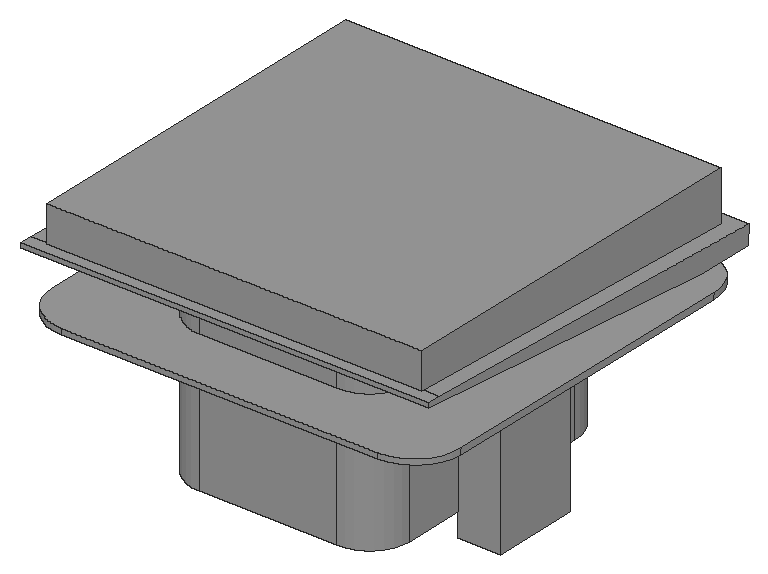
Revit family "Gira_012866", category Electrical Fixtures, host Face, Revit 2017
Family settings
  Host = Face
  Maintain Annotation Orientation = Yes
  Round Connector Dimension = Use Diameter
  Part Type = Normal
  Cut with Voids When Loaded = No
  Shared = No
  Room Calculation Point = No
Parameters (values of type "PB sw. 2-way 2-g Gira TX_44 (WP FM) p.white")
  With mounting plate = "No"
  Wiring system = "Alternating-/alternating switch"
  Washing machine switch = "No"
  URL = "http://katalog.gira.de/en/datenblatt.html?artikelnr=012866"
  Type of fastening = "Mounting with claw and screw"
  Surface protection = "Other"
  Suitable for degree of protection (IP) = "IP44"
  Rated current = "10"
  RAL-number (akin) = "9010"
  Push button switch = "Yes"
  Number of rockers = "2"
  Number of modules (module system) = "1"
  Nominal voltage = "250"
  Name = "PB sw. 2-way 2-g Gira TX_44 (WP FM) p.white"
  Mounting method = "Flush mounted (plaster)"
  Method of operation = "Rocker/button"
  Material quality = "Thermoplastic"
  Material = "Plastic"
  Manufacturer URL = "https://www.gira.de/"
  Manufacturer = "Gira"
  Label space/information surface = "No"
  Keynote = ""
  Illumination = "No"
  HeinzeBIM = "https://bimportal.heinze.de/bim/pb-sw-2-way-2-g-gira-tx-44-wp-fm-p-white/d33c233c25545457dacc075e1f6edd0ac3e0638c"
  Halogen free = "Yes"
  HAN = "012866"
  GTIN = "4010337128663"
  Feedback-signal contact = "No"
  Description = "PB sw.2-w 2g TX_44 PW,Pushbutton switch, 10 AX 250 V~ with rocker, 2-gang,2-way switch, 2-gang,pure white,Notes :,- With touch-activation operation.,- Theft-prevention implemented via optional screw-in clamp piece. This makes plugging of cover frame unnecessary."
  Default Elevation = 1219.2 mm
  Data sheet (1) = "https://katalog.gira.de/en/download.html?artikelnr=012866"
  Connection type = "Plug clamp"
  Colour = "White"
  Category = "Switch"
  BIM (1) = "https://media.stage.bim.site/public/gira/36a6b08/TX44_Komplettgerät_Schalten und Tasten.rfa?public/gira/36a6b08/TX44_Komplettgerät_Schalten und Tasten.rfa"
  Available = "No"
  Assembly arrangement = "Basic element with central cover plate"
Reference planes
  plane 1 "Center (Front/Back)": y = 0
  plane 2 "Reference Level 0": z = 0
  plane 3 "Center (Left/Right)": x = 0
  plane 4: z = -28.6
Forms (mm)
  Extrusion 1, solid, material "Default", detail levels fine
    sketch origin (0, 0, 0) x (1, 0, 0) y (0, 1, 0)
      loop
        line (-32.604, 32.5) -> (-32.604, -32.5) -> (32.735, -32.5) -> (32.735, 32.5) -> (-32.604, 32.5)
    from 0 to 12.3
  Extrusion 2, solid, material "Default", detail levels fine
    sketch origin (0, 0, 0) x (0, 1, 0) y (0, 0, 1)
      loop
        line (35, 3.483) -> (-32.2, 6) -> (-34.55, 6) -> (-34.536, 5.199) -> (24.886, 0) -> (34.939, 0) -> (35, 3.483)
    from -35.5 to 35.5
  Extrusion 3, void
    sketch origin (0, 0, 0) x (0, 1, 0) y (0, 0, 1)
      loop
        line (42.419, 3.205) -> (-32.2, 6) -> (-42.193, 6) -> (-42.193, -11.826) -> (42.419, -11.826) -> (42.419, 3.205)
    from -64.194 to 61.264
  Extrusion 4, solid, material "Default", detail levels fine
    sketch origin (0, 0, 0) x (1, 0, 0) y (0, 1, 0)
      loop
        arc (35.5, 27.5) -> (33.157, 33.157) -> (27.5, 35.5) r 8
        line (27.5, 35.5) -> (-27.5, 35.5)
        arc (-27.5, 35.5) -> (-33.157, 33.157) -> (-35.5, 27.5) r 8
        line (-35.5, 27.5) -> (-35.5, -27.5)
        arc (-35.5, -27.5) -> (-33.157, -33.157) -> (-27.5, -35.5) r 8
        line (-27.5, -35.5) -> (27.5, -35.5)
        arc (27.5, -35.5) -> (33.157, -33.157) -> (35.5, -27.5) r 8
        line (35.5, -27.5) -> (35.5, 27.5)
    from -4.1 to -5.1
  Extrusion 5, solid, material "Default", detail levels fine
    sketch origin (0, 0, 0) x (1, 0, 0) y (0, 1, 0)
      loop
        arc (-12, 25) -> (-16.95, 22.95) -> (-19, 18) r 7
        line (-19, 18) -> (-19, -18)
        arc (-19, -18) -> (-16.95, -22.95) -> (-12, -25) r 7
        line (-12, -25) -> (12, -25)
        arc (12, -25) -> (16.95, -22.95) -> (19, -18) r 7
        line (19, -18) -> (19, 18)
        arc (19, 18) -> (16.95, 22.95) -> (12, 25) r 7
        line (12, 25) -> (-12, 25)
    from 4.692 to -28.6
  Extrusion 6, solid, material "Default", detail levels fine
    sketch origin (0, 0, 0) x (1, 0, 0) y (0, 1, 0)
      loop
        line (-26.5, -7.5) -> (-19, -7.5) -> (-19, 7.5) -> (-26.5, 7.5) -> (-26.5, -7.5)
    from -5.1 to -32.6
  Extrusion 7, solid, material "Default", detail levels fine
    sketch origin (0, 0, 0) x (-1, 0, 0) y (0, -1, 0)
      loop
        line (-26.5, 7.5) -> (-26.5, -7.5) -> (-19, -7.5) -> (-19, 7.5) -> (-26.5, 7.5)
    from -5.1 to -32.6
  Extrusion 8, solid, material "Default", detail levels medium
    sketch origin (0, 0, 0) x (1, 0, 0) y (0, 1, 0)
      loop
        line (-32.604, 32.5) -> (-32.604, -32.5) -> (32.735, -32.5) -> (32.735, 32.5) -> (-32.604, 32.5)
    from 0 to 12.3
  Extrusion 9, solid, material "Default", detail levels medium
    sketch origin (0, 0, 0) x (0, 1, 0) y (0, 0, 1)
      loop
        line (35, 3.483) -> (-32.2, 6) -> (-34.55, 6) -> (-34.445, 0) -> (34.939, 0) -> (35, 3.483)
    from -35.5 to 35.5
  Extrusion 10, solid, material "Default", detail levels medium
    sketch origin (0, 0, 0) x (1, 0, 0) y (0, 1, 0)
      loop
        line (-26.5, 25) -> (-26.5, -25) -> (26.5, -25) -> (26.5, 25) -> (-26.5, 25)
    from 4.692 to -32.6
  Extrusion 11, solid, material "Default", detail levels medium
    sketch origin (0, 0, 0) x (1, 0, 0) y (0, 1, 0)
      loop
        line (35.5, 35.5) -> (-35.5, 35.5) -> (-35.5, -35.5) -> (35.5, -35.5) -> (35.5, 35.5)
    from -4.1 to -5.1
  Extrusion 12, solid, material "Default", detail levels coarse
    sketch origin (0, 0, 0) x (1, 0, 0) y (0, 1, 0)
      loop
        line (35.5, 35.5) -> (-35.5, 35.5) -> (-35.5, -35.5) -> (35.5, -35.5) -> (35.5, 35.5)
    from -32.6 to 12.3
Cuts and joins
  Extrusion 3 cuts Extrusion 1
  joined: Extrusion 1, Extrusion 2, Extrusion 4, Extrusion 5, Extrusion 6, Extrusion 7
Dimensions and locks
  Extrusion 12 to Extrusion 12 = 44.9 mm
  aligned and locked: plane 2 "Reference Level 0" to host face
  aligned and locked: level to host face
  aligned and locked: plane 3 "Center (Left/Right)" to nested 1
  aligned and locked: plane 1 "Center (Front/Back)" to nested 1
Nested families
  nested 1: "Schalter" at (0, 0, 0), type "Schalter"
Connectors
  electrical at (0, 0, -32.6)
    settings: on Extrusion 12, index 1, voltage 220 V, apparent load 0 VA, apparent load phase1 0 VA, apparent load phase2 0 VA, apparent load phase3 0 VA, power factor 1, load classification "Other", number of poles 1, system type 30, power factor state 1, is connector primary yes, connector utility no, sub classification motor no, connector description ""
Definition of nested family "Schalter"
  Reference planes
    plane 1: y = 0
    plane 2: x = 0
  Lines and regions (mm)
    detail lines
      curve 1: circle (1.375, 2.778, 0) r 0.8 normal (0, 0, 1)
      curve 2: line (1.021, 2.061, 0) -> (0, 0, 0)
      curve 3: line (0, 0, 0) -> (-0.538, 0.266, 0)
  Dimensions and locks
    curve 2 to curve 2 = 2.3 mm
    curve 3 to curve 2 = 0.6 mm
    radius of curve 1 = 0.8 mm
